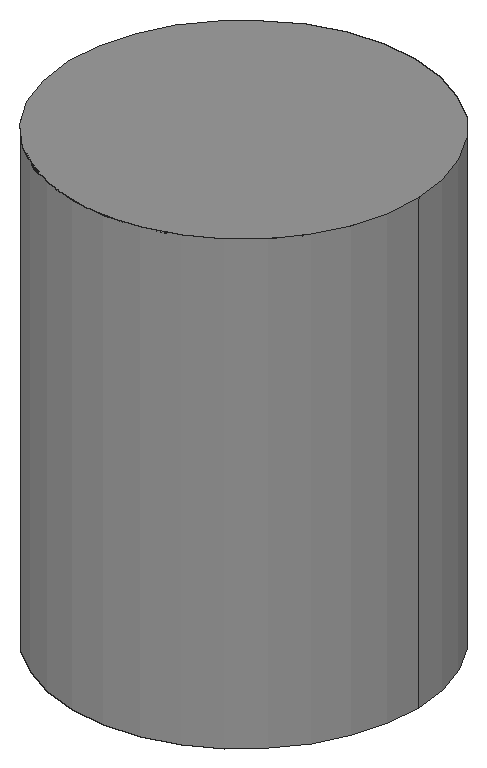
Revit family "REX_2_22W_4000K_2568LM", category Lighting Fixtures, host Ceiling, Revit 2021
Family settings
  Host = Ceiling
  Round Connector Dimension = Use Diameter
  Part Type = Normal
  OmniClass Number = 23.80.70.11
  OmniClass Title = Luminaries for Internal Lighting
  Always vertical = Yes
  Cut with Voids When Loaded = No
  Light Source = Yes
  Shared = No
  Room Calculation Point = No
Parameters (values of type "Type 1")
  Wattage = 17.288 W
  built-in parameter 1150110 = 1 (stored number, unit not read)
  Type de lampe = "LED XC18-COB Bridgelux 2630"
  Type = "Downlight"
  built-in parameter 1114217 = 1 (stored number, unit not read)
  Tilt Angle = 90.00°
  built-in parameter 1150109 = 1 (stored number, unit not read)
  built-in parameter 1150134 = 12
  built-in parameter 1150113 = 1 (stored number, unit not read)
  SDCM = "3"
  Puissance nominale = "22,5W"
  Photometric Web File = "google_eulumdat_converter (25).ies"
  Matériau = "Acier"
  Maintien du flux = "L80B10 (50 000 heures)"
  Lumens = 2568 lm
  built-in parameter 1150115 = 1 (stored number, unit not read)
  built-in parameter 1150105 = 204.35 (stored number, unit not read)
  built-in parameter 1150137 = (empty or 0)
  built-in parameter 1150139 = (empty or 0)
  built-in parameter 1150112 = 1 (stored number, unit not read)
  built-in parameter 1150114 = 1 (stored number, unit not read)
  built-in parameter 1150132 = 2
  built-in parameter 1150102 = (empty or 0)
  built-in parameter 1150138 = (empty or 0)
  built-in parameter 1150107 = 4000 (stored number, unit not read)
  built-in parameter 1150106 = 2.0435 (stored number, unit not read)
  IRC = ">90"
  Fintion = "Blanc et réflecteur chrome"
  built-in parameter 1150104 = 13.8 (stored number, unit not read)
  Durée de vie = "50 000 heures"
  Driver = "Driver Lifud TUV CE RCM CCC"
  Dimming Lamp Color Temperature Shift = <None>
  Dimensions = "Ø 115 mm, H = 160 mm"
  Default Elevation = 0 mm
  Color Filter = 16777215
  built-in parameter 1114218 = 1 (stored number, unit not read)
  built-in parameter 1150133 = 10 (stored number, unit not read)
  Angle d'éclairage = "45°"
  Alimentation luminaire = "AC 220-240V"
Reference planes
  plane 1 "Light Source Axis (F/B)": y = 0
  plane 2: z = 0
  plane 3 "Light Source Axis (L/R)": x = 0
  plane 4 "Ceiling": z = 4000
  plane 5 "Light Source Elevation": z = 3851.516
Forms (mm)
  Extrusion 1, solid, material "Steel, Paint Finish, Ivory, Matte"
    sketch origin (0, 0, 4000) x (0, 1, 0) y (-1, 0, 0)
      loop
        circle (0, 0) r 57.5
    from -150 to 0
  Revolve 2, void
    sketch origin (0, 0, 0) x (1, 0, 0) y (0, 0, 1)
      loop
        line (0, 3845) -> (52.599, 3845)
        arc (52.599, 3845) -> (34.025, 3876.53) -> (0, 3890) r 56.342
        line (0, 3890) -> (0, 3845)
      axis (0, 3890) -> (0, 3845)
    angle from 0 to 360
  Extrusion 3, solid, material "Glass, White, High Luminance"
    sketch origin (0, 0, 4000) x (0, 1, 0) y (-1, 0, 0)
      loop
        circle (0, 0) r 20
    from -121.014 to -108.669
Cuts and joins
  Revolve 2 cuts Extrusion 1
Lines and regions (mm)
  reference lines
    curve 1: line (0, 0, 4000) -> (0, 0, 3850)
    curve 2: line (0, 0, 4000) -> (-40.659, 40.659, 4000)
Dimensions and locks
  equal spacing: host sketch curve, plane 3 "Light Source Axis (L/R)", host sketch curve
  equal spacing: host sketch curve, plane 1 "Light Source Axis (F/B)", host sketch curve
  host sketch curve to host sketch curve = 4000 mm  (x2)
  plane 4 "Ceiling" to host ceiling = 0 mm
  aligned and locked: plane 5 "Light Source Elevation" to imposter light
